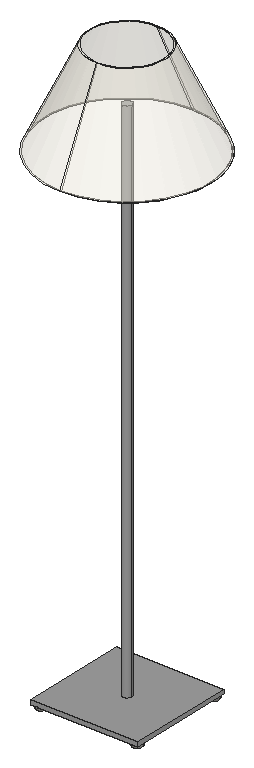
Revit family
Parameters (values of type "100 와트 백열")
  Wattage = 100 W
  built-in parameter 1150110 = 1 (stored number, unit not read)
  built-in parameter 1114217 = 1 (stored number, unit not read)
  built-in parameter 1150109 = 1 (stored number, unit not read)
  built-in parameter 1150134 = 4
  built-in parameter 1150113 = 1 (stored number, unit not read)
  built-in parameter 1150115 = 1 (stored number, unit not read)
  built-in parameter 1150105 = 139.26 (stored number, unit not read)
  Light Source Symbol Size = 609.60 mm
  built-in parameter 1150137 = (empty or 0)
  built-in parameter 1150139 = (empty or 0)
  built-in parameter 1150112 = 1 (stored number, unit not read)
  built-in parameter 1150114 = 1 (stored number, unit not read)
  Lamp = "A-19"
  Lumens = 1750 lm
  음영처리 = 유리 - 젖빛
  스탠드 = 금속 - 크롬
  Wattage Comments = "100"
  built-in parameter 1150132 = (empty or 0)
  built-in parameter 1150102 = (empty or 0)
  built-in parameter 1150138 = (empty or 0)
  built-in parameter 1150107 = 2800 (stored number, unit not read)
  built-in parameter 1150106 = 1.3926 (stored number, unit not read)
  built-in parameter 1150104 = 1.6258 (stored number, unit not read)
  Dimming Lamp Color Temperature Shift = (empty or 0)
  Color Filter = 16777215
  built-in parameter 1114218 = 1 (stored number, unit not read)
  built-in parameter 1150133 = 10 (stored number, unit not read)
Types (3, lengths in mm): name | Wattage | built-in parameter 1150105 | Lamp | Lumens | Wattage Comments | built-in parameter 1150106 | built-in parameter 1150104
  (no name) | 100 W | 139.26 (stored number, unit not read) | "A-19" | 1750 lm | "100" | 1.3926 (stored number, unit not read) | 1.6258 (stored number, unit not read)
  150 와트 백열 | 150 W | 226.8 (stored number, unit not read) | "A-21" | 2850 lm | "150" | 2.268 (stored number, unit not read) | 1.7652 (stored number, unit not read)
  100 와트 백열 | 100 W | 139.26 (stored number, unit not read) | "A-19" | 1750 lm | "100" | 1.3926 (stored number, unit not read) | 1.6258 (stored number, unit not read)
Reference planes
  plane 1 "광원 축": y = 0
  plane 2: z = 0
  plane 3 "광원 축": x = 0
  plane 4 "광원 입면도": z = 1592.529
Forms (mm)
  Revolve 1, solid, material "금속 - 크롬" <- "스탠드"
    sketch origin (136.32, -210.458, 0) x (0, 1, 0) y (0, 0, 1)
      loop
        arc (349.625, 0) -> (358.596, 3.716) -> (362.312, 12.687) r 12.687
        line (362.312, 12.687) -> (349.625, 12.687) -> (349.625, 0)
      axis (346.516, 0) -> (346.516, 12.687)
    angle from -90 to 270
  Revolve 2, solid, material "금속 - 크롬" <- "스탠드"
    sketch origin (-136.032, -210.819, 0) x (0, 1, 0) y (0, 0, 1)
      loop
        arc (349.625, 0) -> (358.596, 3.716) -> (362.312, 12.687) r 12.687
        line (362.312, 12.687) -> (349.625, 12.687) -> (349.625, 0)
      axis (346.516, 0) -> (346.516, 12.687)
    angle from -90 to 270
  Revolve 3, solid, material "금속 - 크롬" <- "스탠드"
    sketch origin (-135.437, -482.706, 0) x (0, 1, 0) y (0, 0, 1)
      loop
        arc (349.625, 0) -> (358.596, 3.716) -> (362.312, 12.687) r 12.687
        line (362.312, 12.687) -> (349.625, 12.687) -> (349.625, 0)
      axis (346.516, 0) -> (346.516, 12.687)
    angle from -90 to 270
  Revolve 4, solid, material "금속 - 크롬" <- "스탠드"
    sketch origin (137.046, -482.111, 0) x (0, 1, 0) y (0, 0, 1)
      loop
        arc (349.625, 0) -> (358.596, 3.716) -> (362.312, 12.687) r 12.687
        line (362.312, 12.687) -> (349.625, 12.687) -> (349.625, 0)
      axis (346.516, 0) -> (346.516, 12.687)
    angle from -90 to 270
  Extrusion 5, solid, material "금속 - 크롬" <- "스탠드"
    sketch origin (0, 0, 0) x (1, 0, 0) y (0, 1, 0)
      loop
        line (-152.4, 152.4) -> (-152.4, -152.4) -> (152.4, -152.4) -> (152.4, 152.4) -> (-152.4, 152.4)
    from 12.687 to 24.964
  Extrusion 6, solid, material "금속 - 크롬" <- "스탠드"
    sketch origin (0, 0, 24.964) x (1, 0, 0) y (0, 1, 0)
      loop
        circle (0, 0) r 12.7
    from 0 to 1499.036
  Revolve 7, solid, material "유리 - 젖빛" <- "음영처리"
    sketch origin (0, 0, 0) x (0, 1, 0) y (0, 0, 1)
      loop
        line (108.573, 1674.186) -> (104.059, 1674.186) -> (233.338, 1403.575) -> (237.852, 1403.575) -> (108.573, 1674.186)
      axis (0, 1674.186) -> (0, 1403.575)
    angle from 0 to 360
Lines and regions (mm)
  Masking region 1
    outline origin (0, 0, 0) x (1, 0, 0) y (0, 1, 0)
      loop
        circle (0, 0) r 237.852
  symbolic lines
    curve 1: arc (107.315, 0, 0) -> (0, 107.315, 0) -> (-107.315, 0, 0) r 107.315
    curve 2: arc (-107.315, 0, 0) -> (0, -107.315, 0) -> (107.315, 0, 0) r 107.315
Dimensions and locks
  aligned and locked: Extrusion 6 to Extrusion 5
  aligned and locked: Masking region 1 sketch curve to Revolve 7
  aligned and locked: imposter light to plane 3 "광원 축"
  aligned and locked: plane 1 "광원 축" to imposter light
  aligned and locked: plane 4 "광원 입면도" to imposter light
